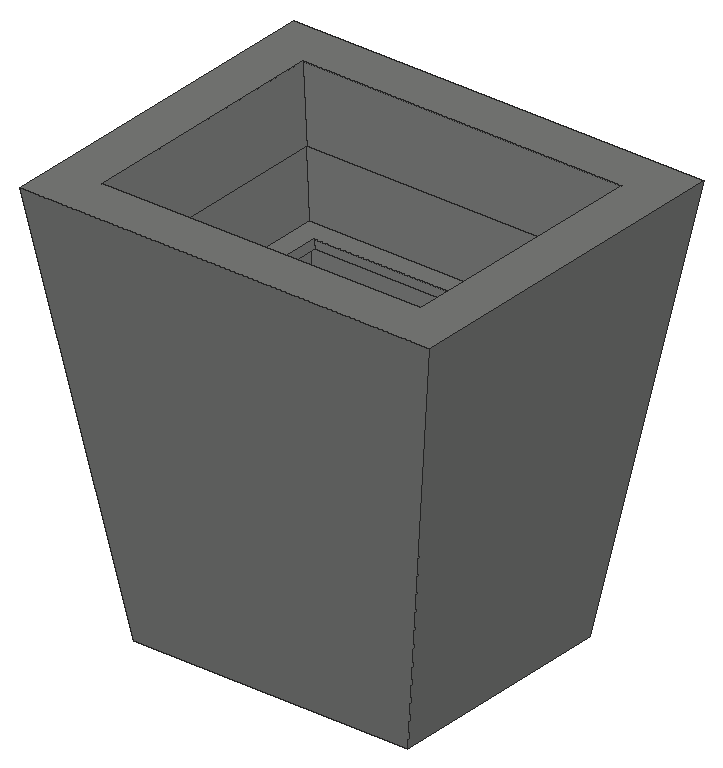
Revit family "Specialty_Equipment-Planter-Planters_Unlimited-Manhattan-Tapered-Square-Rectangular NEW", category Specialty Equipment, Revit 2023
Family settings
  Round Connector Dimension = Use Diameter
  Part Type = Normal
  OmniClass Number = 23.40.05.21.17
  OmniClass Title = Planters
  Work Plane-Based = No
  Enable Cutting in Views = Yes
  Always vertical = Yes
  Cut with Voids When Loaded = No
  Maintain Annotation Orientation = No
  Shared = No
  Room Calculation Point = No
Parameters (values of type "Default - Load Type Catalog")
  Square Planter = not(Rectangle Planter)  # no
  Rectangle Planter = if(CD_Length / CD_Width = 1, 1 = 0, 1 = 1)  # yes
  CD_Width Min = 15"
  CD_Width Max = 72"
  CD_Width = if(CD_Requested Width < CD_Width Min, CD_Width Min, if(CD_Requested Width > CD_Width Max, CD_Width Max, CD_Requested Width))  # 15"
  CD_Stiffener Bottom Width = CD_Requested Width / 1.3  # 11.53846"
  CD_Stiffener Bottom Length = CD_Requested Length / 1.3  # 13.84615"
  CD_Stiffener Top Width = CD_Requested Width / 1.15  # 13.04348"
  CD_Stiffener Top Length = CD_Requested Length / 1.15  # 15.65217"
  CD_Requested Width Bottom = CD_Requested Width / 1.5  # 10"
  CD_Requested Width = 15"
  URL = "https://www.plantersunlimited.com"
  Type Comments = "Rectangular/Square Tapered Planter"  # constant formula
  Model = "Modern Series Planters"  # constant formula
  Material = Plastic-Fiberglass-Carlsbad-Semi_Gloss-Charcoal
  Manufacturer = "Planters Unlimited"  # constant formula
  CD_Requested Length Bottom = CD_Requested Length / 1.5  # 12"
  CD_Requested Length = 18"
  CD_Requested Height = 18"
  Description = "Modular Planting Bed"  # constant formula
  Default Elevation = 0"
  CD_Specification = "https://www.plantersunlimited.com/content/Planters/F1-MAN-TS2430-BL-M-ND.pdf"
  CD_Product Page URL = "https://www.plantersunlimited.com/manhattan-square-planters/"
  CD_Product Name = "Manhattan Planter"  # constant formula
  CD_Offset = 0"
  CD_Microsite = ""
  CD_Length Min = 18"
  CD_Length Max = 120"
  CD_Length = if(CD_Requested Length < CD_Length Min, CD_Length Min, if(CD_Requested Length > CD_Length Max, CD_Length Max, CD_Requested Length))  # 18"
  CD_Height Min = 18"
  CD_Height Max = 60"
  CD_Height = if(CD_Requested Height < CD_Height Min, CD_Height Min, if(CD_Requested Height > CD_Height Max, CD_Height Max, CD_Requested Height))  # 18"
  Assembly Code = "G2050600"
Reference planes (in)
  plane 1 "Center (Front/Back)": y = 0
  plane 2 "Bottom": z = 0
  plane 3 "Center (Left/Right)": x = 0
  plane 4 "Back": y = 7.5
  plane 5 "Front": y = -7.5
  plane 6 "Left": x = -9
  plane 7 "Right": x = 9
  plane 8 "Top": z = 18
  plane 9 "Top of Pads": z = 0.125
  plane 10: z = 0
  plane 11 "Back Bottom": y = 5
  plane 12 "Front Bottom": y = -5
  plane 13 "Left Bottom": x = -6
  plane 14 "Right Bottom": x = 6
  plane 15 "Top Opening Left": x = -7.25
  plane 16 "Top Opening Right": x = 7.25
  plane 17 "Top Opening Back": y = 5.75
  plane 18 "Top Opening Front": y = -5.75
  plane 19 "Bottom Opening": z = 2.125
  plane 20 "Trim Left": x = -7
  plane 21 "Trim Right": x = 7
  plane 22 "Trim Back": y = 5.5
  plane 23 "Trim Front": y = -5.5
  plane 24 "Trim Depth": z = 15
  plane 25 "Stiffener Top": z = 12
  plane 26 "Stiffener Bottom": z = 6
  plane 27 "Left Bottom Opening": x = -4.65084
  plane 28 "Right Bottom Opening": x = 4.65084
  plane 29 "Back Bottom Opening": y = 3.65234
  plane 30 "Front Bottom Opening": y = -3.65234
  plane 31 "Left Stiffener": x = -7.82609
  plane 32 "Right Stiffener": x = 7.82609
  plane 33 "Back Stiffener": y = 6.52174
  plane 34 "Front Stiffener": y = -6.52174
  plane 35 "Bottom Stiffener Left": x = -6.92308
  plane 36 "Bottom Stiffner Right": x = 6.92308
  plane 37 "Botton Stiffener Back": y = 5.76923
  plane 38 "Bottom Stiffener Front": y = -5.76923
Forms (in)
  Blend 1, solid, material "Plastic-Fiberglass-Carlsbad-Semi_Gloss-Charcoal" <- "Material", detail levels fine
    base sketch origin (0, 0, 0) x (1, 0, 0) y (0, 1, 0)
      loop
        line (-6, 5) -> (-6, -5) -> (6, -5) -> (6, 5) -> (-6, 5)
    top sketch origin (0, 0, 0) x (1, 0, 0) y (0, 1, 0)
      loop
        line (-9, 7.5) -> (-9, -7.5) -> (9, -7.5) -> (9, 7.5) -> (-9, 7.5)
    from 0.125 to 18
  Blend 2, void
    base sketch origin (0, 0.08407, 0) x (1, 0, 0) y (0, 1, 0)
      loop
        line (-4.65084, 3.56828) -> (-4.65084, -3.73641) -> (4.65084, -3.73641) -> (4.65084, 3.56828) -> (-4.65084, 3.56828)
    top sketch origin (0, 0.08407, 0) x (1, 0, 0) y (0, 1, 0)
      loop
        line (-7.25, 5.66593) -> (-7.25, -5.83407) -> (7.25, -5.83407) -> (7.25, 5.66593) -> (-7.25, 5.66593)
    from 2.125 to 18
  Extrusion 3, solid, material "Plastic-Fiberglass-Carlsbad-Semi_Gloss-Charcoal" <- "Material", detail levels fine
    sketch origin (0, 0, 0) x (1, 0, 0) y (0, 1, 0)
      loop
        line (5, 4) -> (2, 4) -> (2, 1) -> (5, 1) -> (5, 4)
      loop
        line (-5, 4) -> (-5, 1) -> (-2, 1) -> (-2, 4) -> (-5, 4)
      loop
        line (5, -4) -> (5, -1) -> (2, -1) -> (2, -4) -> (5, -4)
      loop
        line (-5, -4) -> (-2, -4) -> (-2, -1) -> (-5, -1) -> (-5, -4)
    from 0 to 0.125
  Sweep 4, solid, material "Plastic-Fiberglass-Carlsbad-Semi_Gloss-Charcoal" <- "Material", detail levels fine
    path origin (0, 0, 0) x (1, 0, 0) y (0, 1, 0)
      loop
        line (7.25, 5.75) -> (-7.25, 5.75)
    profile origin (0, 5.75, 0) x (0, -1, 0) y (0, 0, 1)
      loop
        line (0, 18) -> (0.39641, 15) -> (0.64696, 15) -> (0.25055, 18) -> (0, 18)
  Sweep 5, solid, material "Plastic-Fiberglass-Carlsbad-Semi_Gloss-Charcoal" <- "Material", detail levels fine
    path origin (0, 0, 0) x (1, 0, 0) y (0, 1, 0)
      loop
        line (-7.25, -5.75) -> (7.25, -5.75)
    profile origin (0, -5.75, 0) x (0, 1, 0) y (0, 0, 1)
      loop
        line (0, 18) -> (0.39641, 15) -> (0.64524, 15) -> (0.24883, 18) -> (0, 18)
  Sweep 6, solid, material "Plastic-Fiberglass-Carlsbad-Semi_Gloss-Charcoal" <- "Material", detail levels fine
    path origin (0, 0, 0) x (1, 0, 0) y (0, 1, 0)
      loop
        line (-7.25, 5.75) -> (-7.25, -5.75)
    profile origin (-7.25, 0, 0) x (1, 0, 0) y (0, 0, 1)
      loop
        line (0, 18) -> (0.49118, 15) -> (0.74274, 15) -> (0.25156, 18) -> (0, 18)
  Sweep 7, solid, material "Plastic-Fiberglass-Carlsbad-Semi_Gloss-Charcoal" <- "Material", detail levels fine
    path origin (0, 0, 0) x (1, 0, 0) y (0, 1, 0)
      loop
        line (7.25, 5.75) -> (7.25, -5.75)
    profile origin (7.25, 0, 0) x (1, 0, 0) y (0, 0, 1)
      loop
        line (0, 18) -> (-0.2523, 18) -> (-0.74348, 15) -> (-0.49118, 15) -> (0, 18)
  Extrusion 8, solid, material "Plastic-Fiberglass-Carlsbad-Semi_Gloss-Charcoal" <- "Material", visible <- "Rectangle Planter", detail levels fine
    sketch origin (5.5, 0, 0) x (1, 0, 0) y (0, 1, 0)
      loop
        line (-7, 4) -> (-7, 1) -> (-4, 1) -> (-4, 4) -> (-7, 4)
      loop
        line (-7, -4) -> (-4, -4) -> (-4, -1) -> (-7, -1) -> (-7, -4)
    from 0 to 0.125
  Sweep 9, solid, material "Plastic-Fiberglass-Carlsbad-Semi_Gloss-Charcoal" <- "Material", detail levels fine
    path origin (-18, -180, 12) x (-1, 0, 0) y (0, -1, 0)
      loop
        line (-12, -186.52174) -> (-12, -173.47826)
    profile origin (-6, 0, 12) x (1, 0, 0) y (0, 0, 1)
      loop
        line (-0.2978, 0.18423) -> (-0.23748, -0.18423) -> (0.68302, -0.18423) -> (0.62269, 0.18423) -> (-0.2978, 0.18423)
  Sweep 10, solid, material "Plastic-Fiberglass-Carlsbad-Semi_Gloss-Charcoal" <- "Material", detail levels fine
    path origin (-18, -180, 12) x (-1, 0, 0) y (0, -1, 0)
      loop
        line (-24, -186.52174) -> (-24, -173.47826)
    profile origin (6, 0, 12) x (1, 0, 0) y (0, 0, 1)
      loop
        line (-0.5669, 0.18423) -> (-0.62723, -0.18423) -> (0.23748, -0.18423) -> (0.2978, 0.18423) -> (-0.5669, 0.18423)
  Sweep 11, solid, material "Plastic-Fiberglass-Carlsbad-Semi_Gloss-Charcoal" <- "Material", detail levels fine
    path origin (-18, -180, 12) x (-1, 0, 0) y (0, -1, 0)
      loop
        line (-12, -185.76923) -> (-12, -174.23077)
    profile origin (-6, 0, 12) x (1, 0, 0) y (0, 0, 1)
      loop
        line (0.68456, -5.81577) -> (0.74489, -6.18423) -> (1.66538, -6.18423) -> (1.60505, -5.81577) -> (0.68456, -5.81577)
  Sweep 12, solid, material "Plastic-Fiberglass-Carlsbad-Semi_Gloss-Charcoal" <- "Material", detail levels fine
    path origin (-18, -180, 12) x (-1, 0, 0) y (0, -1, 0)
      loop
        line (-24, -185.76923) -> (-24, -174.23077)
    profile origin (6, 0, 12) x (1, 0, 0) y (0, 0, 1)
      loop
        line (-1.54927, -5.81577) -> (-1.60959, -6.18423) -> (-0.74489, -6.18423) -> (-0.68456, -5.81577) -> (-1.54927, -5.81577)
  Sweep 13, solid, material "Plastic-Fiberglass-Carlsbad-Semi_Gloss-Charcoal" <- "Material", detail levels fine
    path origin (-18, -180, 12) x (-1, 0, 0) y (0, -1, 0)
      loop
        line (-11.07692, -185) -> (-24.92308, -185)
    profile origin (0, 5, 12) x (0, 1, 0) y (0, 0, 1)
      loop
        line (-0.81129, -5.81577) -> (-1.69389, -5.81577) -> (-1.74258, -6.18423) -> (-0.85997, -6.18423) -> (-0.81129, -5.81577)
  Sweep 14, solid, material "Plastic-Fiberglass-Carlsbad-Semi_Gloss-Charcoal" <- "Material", detail levels fine
    path origin (-18, -180, 12) x (-1, 0, 0) y (0, -1, 0)
      loop
        line (-11.07692, -173.47826) -> (-24.92308, -173.47826)
    profile origin (0, -6.52174, 12) x (0, 1, 0) y (0, 0, 1)
      loop
        line (3.20405, -5.81577) -> (2.33303, -5.81577) -> (2.38171, -6.18423) -> (3.25273, -6.18423) -> (3.20405, -5.81577)
  Extrusion 15, void, detail levels fine
    sketch origin (0, 0, 0) x (0, 1, 0) y (0, 0, 1)
      loop
        line (7.5, 18) -> (5, 0.125) -> (7.5, 0.125) -> (7.5, 18)
    from -9 to 9
  Sweep 16, solid, material "Plastic-Fiberglass-Carlsbad-Semi_Gloss-Charcoal" <- "Material", detail levels fine
    path origin (-18, -175.61663, 18) x (-1, 0, 0) y (0, -1, 0)
      loop
        line (-10.17391, -185) -> (-25.82609, -185)
    profile origin (0, 9.38337, 18) x (0, 1, 0) y (0, 0, 1)
      loop
        line (-4.40184, -5.81577) -> (-5.28444, -5.81577) -> (-5.33313, -6.18423) -> (-4.45052, -6.18423) -> (-4.40184, -5.81577)
  Sweep 17, solid, material "Plastic-Fiberglass-Carlsbad-Semi_Gloss-Charcoal" <- "Material", detail levels fine
    path origin (-18, -180.79281, 18) x (-1, 0, 0) y (0, -1, 0)
      loop
        line (-10.17391, -173.47826) -> (-25.82609, -173.47826)
    profile origin (0, -7.31455, 18) x (0, 1, 0) y (0, 0, 1)
      loop
        line (3.20405, -5.81577) -> (2.33303, -5.81577) -> (2.38171, -6.18423) -> (3.25273, -6.18423) -> (3.20405, -5.81577)
  Extrusion 18, void, detail levels fine
    sketch origin (0, 0, 0) x (0, -1, 0) y (0, 0, -1)
      loop
        line (7.5, -18) -> (7.5, -0.125) -> (5, -0.125) -> (7.5, -18)
    from -9 to 9
  Extrusion 19, void, detail levels fine
    sketch origin (0, 0, 0) x (1, 0, 0) y (0, 0, 1)
      loop
        line (-9, 18) -> (-9, 0.125) -> (-6, 0.125) -> (-9, 18)
    from -7.5 to 7.5
  Extrusion 20, void, detail levels fine
    sketch origin (0, 0, 0) x (-1, 0, 0) y (0, 0, -1)
      loop
        line (-9, -18) -> (-6, -0.125) -> (-9, -0.125) -> (-9, -18)
    from -7.5 to 7.5
  Blend 21, solid, material "Plastic-Fiberglass-Carlsbad-Semi_Gloss-Charcoal" <- "Material", detail levels medium
    base sketch origin (0, 0, 0) x (1, 0, 0) y (0, 1, 0)
      loop
        line (-6, 5) -> (-6, -5) -> (6, -5) -> (6, 5) -> (-6, 5)
    top sketch origin (0, 0, 0) x (1, 0, 0) y (0, 1, 0)
      loop
        line (-9, 7.5) -> (-9, -7.5) -> (9, -7.5) -> (9, 7.5) -> (-9, 7.5)
    from 0 to 18
  Extrusion 22, void, detail levels medium
    sketch origin (0, 0, 0) x (-1, 0, 0) y (0, 0, -1)
      loop
        line (-9, -18) -> (-6, 0) -> (-9, 0) -> (-9, -18)
    from -7.5 to 7.5
  Sweep 23, solid, material "Plastic-Fiberglass-Carlsbad-Semi_Gloss-Charcoal" <- "Material", detail levels medium
    path origin (0, 0, 0) x (1, 0, 0) y (0, 1, 0)
      loop
        line (-7.25, 5.75) -> (-7.25, -5.75)
    profile origin (-7.25, 0, 0) x (1, 0, 0) y (0, 0, 1)
      loop
        line (0, 18) -> (0.49118, 15) -> (0.74274, 15) -> (0.25156, 18) -> (0, 18)
  Extrusion 24, void, detail levels medium
    sketch origin (0, 0, 0) x (0, -1, 0) y (0, 0, -1)
      loop
        line (5, 0) -> (7.5, -18) -> (7.5, 0) -> (5, 0)
    from -9 to 9
  Sweep 25, solid, material "Plastic-Fiberglass-Carlsbad-Semi_Gloss-Charcoal" <- "Material", detail levels medium
    path origin (0, 0, 0) x (1, 0, 0) y (0, 1, 0)
      loop
        line (7.25, 5.75) -> (7.25, -5.75)
    profile origin (7.25, 0, 0) x (1, 0, 0) y (0, 0, 1)
      loop
        line (0, 18) -> (-0.2523, 18) -> (-0.74348, 15) -> (-0.49118, 15) -> (0, 18)
  Sweep 26, solid, material "Plastic-Fiberglass-Carlsbad-Semi_Gloss-Charcoal" <- "Material", detail levels medium
    path origin (0, 0, 0) x (1, 0, 0) y (0, 1, 0)
      loop
        line (7.25, 5.75) -> (-7.25, 5.75)
    profile origin (0, 5.75, 0) x (0, -1, 0) y (0, 0, 1)
      loop
        line (0, 18) -> (0.39641, 15) -> (0.64696, 15) -> (0.25055, 18) -> (0, 18)
  Sweep 27, solid, material "Plastic-Fiberglass-Carlsbad-Semi_Gloss-Charcoal" <- "Material", detail levels medium
    path origin (0, 0, 0) x (1, 0, 0) y (0, 1, 0)
      loop
        line (-7.25, -5.75) -> (7.25, -5.75)
    profile origin (0, -5.75, 0) x (0, 1, 0) y (0, 0, 1)
      loop
        line (0, 18) -> (0.39641, 15) -> (0.64524, 15) -> (0.24883, 18) -> (0, 18)
  Extrusion 28, void, detail levels medium
    sketch origin (0, 0, 0) x (1, 0, 0) y (0, 0, 1)
      loop
        line (-9, 18) -> (-9, 0) -> (-6, 0) -> (-9, 18)
    from -7.5 to 7.5
  Extrusion 29, void, detail levels medium
    sketch origin (0, 0, 0) x (-1, 0, 0) y (0, 0, -1)
      loop
        line (-9, -18) -> (-6, 0) -> (-9, 0) -> (-9, -18)
    from -7.5 to 7.5
  Extrusion 30, void, detail levels medium
    sketch origin (0, 0, 0) x (0, 1, 0) y (0, 0, 1)
      loop
        line (-7.5, 18) -> (-7.5, 0) -> (-5, 0) -> (-7.5, 18)
    from -9 to 9
  Blend 31, solid, material "Plastic-Fiberglass-Carlsbad-Semi_Gloss-Charcoal" <- "Material", detail levels coarse
    base sketch origin (0, 0, 0) x (1, 0, 0) y (0, 1, 0)
      loop
        line (-6, 5) -> (-6, -5) -> (6, -5) -> (6, 5) -> (-6, 5)
    top sketch origin (0, 0, 0) x (1, 0, 0) y (0, 1, 0)
      loop
        line (-9, 7.5) -> (-9, -7.5) -> (9, -7.5) -> (9, 7.5) -> (-9, 7.5)
    from 0 to 18
  Extrusion 32, void, detail levels medium
    sketch origin (0, 0, 0) x (0, 1, 0) y (0, 0, 1)
      loop
        line (5, 0) -> (7.5, 0) -> (7.5, 18) -> (5, 0)
    from -9 to 9
  Sweep 33, solid, material "Plastic-Fiberglass-Carlsbad-Semi_Gloss-Charcoal" <- "Material", detail levels medium
    path origin (-18, -180, 12) x (-1, 0, 0) y (0, -1, 0)
      loop
        line (-12, -186.52174) -> (-12, -173.47826)
    profile origin (-6, 0, 12) x (1, 0, 0) y (0, 0, 1)
      loop
        line (-0.2978, 0.18423) -> (-0.23748, -0.18423) -> (0.68302, -0.18423) -> (0.62269, 0.18423) -> (-0.2978, 0.18423)
  Sweep 34, solid, material "Plastic-Fiberglass-Carlsbad-Semi_Gloss-Charcoal" <- "Material", detail levels medium
    path origin (-18, -180, 12) x (-1, 0, 0) y (0, -1, 0)
      loop
        line (-24, -186.52174) -> (-24, -173.47826)
    profile origin (6, 0, 12) x (1, 0, 0) y (0, 0, 1)
      loop
        line (-0.5669, 0.18423) -> (-0.62723, -0.18423) -> (0.23748, -0.18423) -> (0.2978, 0.18423) -> (-0.5669, 0.18423)
  Sweep 35, solid, material "Plastic-Fiberglass-Carlsbad-Semi_Gloss-Charcoal" <- "Material", detail levels medium
    path origin (-18, -180, 12) x (-1, 0, 0) y (0, -1, 0)
      loop
        line (-12, -185.76923) -> (-12, -174.23077)
    profile origin (-6, 0, 12) x (1, 0, 0) y (0, 0, 1)
      loop
        line (0.68456, -5.81577) -> (0.74489, -6.18423) -> (1.66538, -6.18423) -> (1.60505, -5.81577) -> (0.68456, -5.81577)
  Sweep 36, solid, material "Plastic-Fiberglass-Carlsbad-Semi_Gloss-Charcoal" <- "Material", detail levels medium
    path origin (-18, -180, 12) x (-1, 0, 0) y (0, -1, 0)
      loop
        line (-24, -185.76923) -> (-24, -174.23077)
    profile origin (6, 0, 12) x (1, 0, 0) y (0, 0, 1)
      loop
        line (-1.54927, -5.81577) -> (-1.60959, -6.18423) -> (-0.74489, -6.18423) -> (-0.68456, -5.81577) -> (-1.54927, -5.81577)
  Sweep 37, solid, material "Plastic-Fiberglass-Carlsbad-Semi_Gloss-Charcoal" <- "Material", detail levels medium
    path origin (-18, -180, 12) x (-1, 0, 0) y (0, -1, 0)
      loop
        line (-11.07692, -185) -> (-24.92308, -185)
    profile origin (0, 5, 12) x (0, 1, 0) y (0, 0, 1)
      loop
        line (-0.81129, -5.81577) -> (-1.69389, -5.81577) -> (-1.74258, -6.18423) -> (-0.85997, -6.18423) -> (-0.81129, -5.81577)
  Sweep 38, solid, material "Plastic-Fiberglass-Carlsbad-Semi_Gloss-Charcoal" <- "Material", detail levels medium
    path origin (-18, -180, 12) x (-1, 0, 0) y (0, -1, 0)
      loop
        line (-11.07692, -173.47826) -> (-24.92308, -173.47826)
    profile origin (0, -6.52174, 12) x (0, 1, 0) y (0, 0, 1)
      loop
        line (3.20405, -5.81577) -> (2.33303, -5.81577) -> (2.38171, -6.18423) -> (3.25273, -6.18423) -> (3.20405, -5.81577)
  Sweep 39, solid, material "Plastic-Fiberglass-Carlsbad-Semi_Gloss-Charcoal" <- "Material", detail levels medium
    path origin (-18, -175.61663, 18) x (-1, 0, 0) y (0, -1, 0)
      loop
        line (-10.17391, -185) -> (-25.82609, -185)
    profile origin (0, 9.38337, 18) x (0, 1, 0) y (0, 0, 1)
      loop
        line (-4.40184, -5.81577) -> (-5.28444, -5.81577) -> (-5.33313, -6.18423) -> (-4.45052, -6.18423) -> (-4.40184, -5.81577)
  Sweep 40, solid, material "Plastic-Fiberglass-Carlsbad-Semi_Gloss-Charcoal" <- "Material", detail levels medium
    path origin (-18, -180.79281, 18) x (-1, 0, 0) y (0, -1, 0)
      loop
        line (-10.17391, -173.47826) -> (-25.82609, -173.47826)
    profile origin (0, -7.31455, 18) x (0, 1, 0) y (0, 0, 1)
      loop
        line (3.20405, -5.81577) -> (2.33303, -5.81577) -> (2.38171, -6.18423) -> (3.25273, -6.18423) -> (3.20405, -5.81577)
  Sweep 41, solid, material "Plastic-Fiberglass-Carlsbad-Semi_Gloss-Charcoal" <- "Material", detail levels coarse
    path origin (0, 0, 0) x (1, 0, 0) y (0, 1, 0)
      loop
        line (-7.25, 5.75) -> (-7.25, -5.75)
    profile origin (-7.25, 0, 0) x (1, 0, 0) y (0, 0, 1)
      loop
        line (0, 18) -> (0.49118, 15) -> (0.74274, 15) -> (0.25156, 18) -> (0, 18)
  Sweep 42, solid, material "Plastic-Fiberglass-Carlsbad-Semi_Gloss-Charcoal" <- "Material", detail levels coarse
    path origin (0, 0, 0) x (1, 0, 0) y (0, 1, 0)
      loop
        line (7.25, 5.75) -> (7.25, -5.75)
    profile origin (7.25, 0, 0) x (1, 0, 0) y (0, 0, 1)
      loop
        line (0, 18) -> (-0.2523, 18) -> (-0.74348, 15) -> (-0.49118, 15) -> (0, 18)
  Sweep 43, solid, material "Plastic-Fiberglass-Carlsbad-Semi_Gloss-Charcoal" <- "Material", detail levels coarse
    path origin (0, 0, 0) x (1, 0, 0) y (0, 1, 0)
      loop
        line (-7.25, -5.75) -> (7.25, -5.75)
    profile origin (0, -5.75, 0) x (0, 1, 0) y (0, 0, 1)
      loop
        line (0, 18) -> (0.39641, 15) -> (0.64524, 15) -> (0.24883, 18) -> (0, 18)
  Sweep 44, solid, material "Plastic-Fiberglass-Carlsbad-Semi_Gloss-Charcoal" <- "Material", detail levels coarse
    path origin (0, 0, 0) x (1, 0, 0) y (0, 1, 0)
      loop
        line (7.25, 5.75) -> (-7.25, 5.75)
    profile origin (0, 5.75, 0) x (0, -1, 0) y (0, 0, 1)
      loop
        line (0, 18) -> (0.39641, 15) -> (0.64696, 15) -> (0.25055, 18) -> (0, 18)
  Extrusion 45, void
    sketch origin (0, 0, 0) x (1, 0, 0) y (0, 0, 1)
      loop
        line (-9, 18) -> (-9, 0) -> (-6, 0) -> (-9, 18)
    from -7.5 to 7.5
  Extrusion 46, void
    sketch origin (0, 0, 0) x (-1, 0, 0) y (0, 0, -1)
      loop
        line (-9, -18) -> (-6, 0) -> (-9, 0) -> (-9, -18)
    from -7.5 to 7.5
  Extrusion 47, void
    sketch origin (0, 0, 0) x (0, 1, 0) y (0, 0, 1)
      loop
        line (5, 0) -> (7.5, 0) -> (7.5, 18) -> (5, 0)
    from -9 to 9
  Extrusion 48, void
    sketch origin (0, 0, 0) x (0, 1, 0) y (0, 0, 1)
      loop
        line (-7.5, 18) -> (-7.5, 0) -> (-5, 0) -> (-7.5, 18)
    from -9 to 9
Cuts and joins
  Blend 2, Extrusion 15, Extrusion 18, Extrusion 19, Extrusion 20, Extrusion 22 cuts Blend 1
  Extrusion 15, Extrusion 18, Extrusion 19, Extrusion 20, Extrusion 22 cuts Sweep 4
  Extrusion 15, Extrusion 18, Extrusion 19, Extrusion 20, Extrusion 22 cuts Sweep 5
  Extrusion 15, Extrusion 18, Extrusion 19, Extrusion 20, Extrusion 22 cuts Sweep 6
  Extrusion 15, Extrusion 18, Extrusion 19, Extrusion 20, Extrusion 22 cuts Sweep 7
  Extrusion 15, Extrusion 18, Extrusion 19, Extrusion 20, Extrusion 22 cuts Sweep 9
  Extrusion 15, Extrusion 18, Extrusion 19, Extrusion 20, Extrusion 22 cuts Sweep 10
  Extrusion 15, Extrusion 18, Extrusion 19, Extrusion 20, Extrusion 22 cuts Sweep 11
  Extrusion 15, Extrusion 18, Extrusion 19, Extrusion 20, Extrusion 22 cuts Sweep 12
  Extrusion 15, Extrusion 18, Extrusion 19, Extrusion 20, Extrusion 22 cuts Sweep 13
  Extrusion 15, Extrusion 18, Extrusion 19, Extrusion 20, Extrusion 22 cuts Sweep 14
  Extrusion 18, Extrusion 19, Extrusion 20, Extrusion 22 cuts Sweep 16
  Extrusion 18, Extrusion 19, Extrusion 20, Extrusion 22 cuts Sweep 17
  joined: Blend 1, Sweep 4, Sweep 5, Sweep 6, Sweep 7, Sweep 9, Sweep 10, Sweep 11, Sweep 12, Sweep 13, Sweep 14, Sweep 16, Sweep 17
  Blend 2, Extrusion 22, Extrusion 24, Extrusion 28, Extrusion 29, Extrusion 30, Extrusion 32, Extrusion 45, Extrusion 46, Extrusion 47, Extrusion 48 cuts Blend 21
  Extrusion 24, Extrusion 28, Extrusion 29, Extrusion 30, Extrusion 32, Extrusion 45, Extrusion 46, Extrusion 47, Extrusion 48 cuts Sweep 23
  Extrusion 28, Extrusion 29, Extrusion 30, Extrusion 32, Extrusion 45, Extrusion 46, Extrusion 47, Extrusion 48 cuts Sweep 25
  Extrusion 28, Extrusion 29, Extrusion 30, Extrusion 32, Extrusion 45, Extrusion 46, Extrusion 47, Extrusion 48 cuts Sweep 26
  Extrusion 22, Extrusion 28, Extrusion 29, Extrusion 30, Extrusion 32, Extrusion 45, Extrusion 46, Extrusion 47, Extrusion 48 cuts Sweep 27
  Extrusion 45, Extrusion 46, Extrusion 47, Extrusion 48 cuts Sweep 33
  Extrusion 45, Extrusion 46, Extrusion 47, Extrusion 48 cuts Sweep 34
  Extrusion 45, Extrusion 46, Extrusion 47, Extrusion 48 cuts Sweep 35
  Extrusion 45, Extrusion 46, Extrusion 47, Extrusion 48 cuts Sweep 36
  Extrusion 45, Extrusion 46, Extrusion 47, Extrusion 48 cuts Sweep 37
  Extrusion 45, Extrusion 46, Extrusion 47, Extrusion 48 cuts Sweep 38
  Extrusion 45, Extrusion 46, Extrusion 47, Extrusion 48 cuts Sweep 39
  Extrusion 45, Extrusion 46, Extrusion 47, Extrusion 48 cuts Sweep 40
  joined: Blend 21, Sweep 23, Sweep 25, Sweep 26, Sweep 27, Sweep 33, Sweep 34, Sweep 35, Sweep 36, Sweep 37, Sweep 38, Sweep 39, Sweep 40
  Blend 2, Extrusion 32, Extrusion 45, Extrusion 46, Extrusion 47, Extrusion 48 cuts Blend 31
  Extrusion 45, Extrusion 46, Extrusion 47, Extrusion 48 cuts Sweep 41
  Extrusion 45, Extrusion 46, Extrusion 47, Extrusion 48 cuts Sweep 42
  Extrusion 45, Extrusion 46, Extrusion 47, Extrusion 48 cuts Sweep 43
  Extrusion 45, Extrusion 46, Extrusion 47, Extrusion 48 cuts Sweep 44
  joined: Blend 31, Sweep 41, Sweep 42, Sweep 43, Sweep 44
Dimensions and locks (in)
  equal spacing: plane 6 "Left", plane 3 "Center (Left/Right)", plane 7 "Right"
  "CD_Length": plane 6 "Left" to plane 7 "Right"
  equal spacing: plane 4 "Back", plane 1 "Center (Front/Back)", plane 5 "Front"
  "CD_Width": plane 5 "Front" to plane 4 "Back"
  equal spacing: plane 13 "Left Bottom", plane 3 "Center (Left/Right)", plane 14 "Right Bottom"
  equal spacing: plane 11 "Back Bottom", plane 1 "Center (Front/Back)", plane 12 "Front Bottom"
  "CD_Requested Length Bottom": plane 13 "Left Bottom" to plane 14 "Right Bottom"
  "CD_Requested Width Bottom": plane 11 "Back Bottom" to plane 12 "Front Bottom"
  locked: plane 4 "Back" to plane 17 "Top Opening Back" at 1.75
  locked: plane 5 "Front" to plane 18 "Top Opening Front" at 1.75
  locked: plane 6 "Left" to plane 15 "Top Opening Left" at 1.75
  locked: plane 16 "Top Opening Right" to plane 7 "Right" at 1.75
  locked: plane 19 "Bottom Opening" to plane 9 "Top of Pads" at 2
  locked: plane 6 "Left" to plane 20 "Trim Left" at 2
  locked: plane 21 "Trim Right" to plane 7 "Right" at 2
  locked: plane 4 "Back" to plane 22 "Trim Back" at 2
  locked: plane 5 "Front" to plane 23 "Trim Front" at 2
  locked: plane 8 "Top" to plane 24 "Trim Depth" at 3
  locked: Extrusion 3 sketch curve to Extrusion 3 sketch curve at 3  (x8)
  locked: plane 9 "Top of Pads" to plane 2 "Bottom" at 0.125
  "CD_Offset": plane 2 "Bottom" to level
  "CD_Height": plane 8 "Top" to plane 2 "Bottom"
  locked: Extrusion 3 sketch curve to plane 14 "Right Bottom" at 1  (x2)
  locked: plane 11 "Back Bottom" to Extrusion 3 sketch curve at 1  (x2)
  locked: plane 13 "Left Bottom" to Extrusion 3 sketch curve at 1  (x2)
  locked: plane 12 "Front Bottom" to Extrusion 3 sketch curve at 1
  locked: Extrusion 3 sketch curve to plane 12 "Front Bottom" at 1
  equal spacing: plane 8 "Top", plane 25 "Stiffener Top", plane 26 "Stiffener Bottom", plane 2 "Bottom"
  locked: plane 13 "Left Bottom" to plane 27 "Left Bottom Opening" at 1.34916
  locked: plane 28 "Right Bottom Opening" to plane 14 "Right Bottom" at 1.34916
  locked: plane 11 "Back Bottom" to plane 29 "Back Bottom Opening" at 1.34766
  locked: plane 12 "Front Bottom" to plane 30 "Front Bottom Opening" at 1.34766
  plane 4 "Back" to plane 22 "Trim Back" = 2"
  locked: Sweep 4 sketch curve to Sweep 4 sketch curve at 0.24839
  locked: Sweep 4 sketch curve to Sweep 4 sketch curve at 3
  locked: Sweep 7 sketch curve to Sweep 7 sketch curve at 0.24899
  locked: Sweep 7 sketch curve to Sweep 7 sketch curve at 3
  locked: Sweep 6 sketch curve to Sweep 6 sketch curve at 0.24825
  locked: Sweep 6 sketch curve to Sweep 6 sketch curve at 3
  locked: Sweep 5 sketch curve to Sweep 5 sketch curve at 0.24669
  locked: Sweep 5 sketch curve to Sweep 5 sketch curve at 3
  locked: Extrusion 8 sketch curve to Extrusion 8 sketch curve at 3  (x4)
  locked: Sweep 9 sketch curve to Sweep 9 sketch curve at 0.9084
  equal spacing: Sweep 9 sketch curve, profile plane, Sweep 9 sketch curve
  locked: Sweep 9 sketch curve to Sweep 9 sketch curve at 0.36846
  locked: Sweep 10 sketch curve to Sweep 10 sketch curve at 0.85334
  equal spacing: Sweep 10 sketch curve, profile plane, Sweep 10 sketch curve
  locked: Sweep 10 sketch curve to Sweep 10 sketch curve at 0.36846
  equal spacing: plane 31 "Left Stiffener", plane 3 "Center (Left/Right)", plane 32 "Right Stiffener"
  "CD_Stiffener Top Length": plane 31 "Left Stiffener" to plane 32 "Right Stiffener"
  equal spacing: plane 34 "Front Stiffener", plane 1 "Center (Front/Back)", plane 33 "Back Stiffener"
  "CD_Stiffener Top Width": plane 33 "Back Stiffener" to plane 34 "Front Stiffener"
  equal spacing: plane 35 "Bottom Stiffener Left", plane 3 "Center (Left/Right)", plane 36 "Bottom Stiffner Right"
  "CD_Stiffener Bottom Length": plane 35 "Bottom Stiffener Left" to plane 36 "Bottom Stiffner Right"
  Extrusion 8 sketch curve to plane 11 "Back Bottom" = 1"
  equal spacing: Extrusion 8 sketch curve, plane 3 "Center (Left/Right)", Extrusion 8 sketch curve  (x2)
  locked: plane 12 "Front Bottom" to Extrusion 8 sketch curve at 1
  locked: Sweep 11 sketch curve to Sweep 11 sketch curve at 0.9084
  locked: Sweep 12 sketch curve to Sweep 12 sketch curve at 0.85334
  locked: Sweep 13 sketch curve to Sweep 13 sketch curve at 0.875
  locked: Sweep 14 sketch curve to Sweep 14 sketch curve at 0.86352
  locked: Sweep 11 sketch curve to Sweep 11 sketch curve at 0.36846
  equal spacing: Sweep 11 sketch curve, plane 26 "Stiffener Bottom", Sweep 11 sketch curve
  equal spacing: Sweep 12 sketch curve, plane 26 "Stiffener Bottom", Sweep 12 sketch curve
  locked: Sweep 12 sketch curve to Sweep 12 sketch curve at 0.36846
  equal spacing: Sweep 13 sketch curve, plane 26 "Stiffener Bottom", Sweep 13 sketch curve
  locked: Sweep 13 sketch curve to Sweep 13 sketch curve at 0.36846
  equal spacing: Sweep 14 sketch curve, plane 26 "Stiffener Bottom", Sweep 14 sketch curve
  locked: Sweep 14 sketch curve to Sweep 14 sketch curve at 0.36846
  equal spacing: plane 38 "Bottom Stiffener Front", plane 1 "Center (Front/Back)", plane 37 "Botton Stiffener Back"
  "CD_Stiffener Bottom Width": plane 38 "Bottom Stiffener Front" to plane 37 "Botton Stiffener Back"
  locked: Sweep 16 sketch curve to Sweep 16 sketch curve at 0.875
  locked: Sweep 16 sketch curve to Sweep 16 sketch curve at 0.36846
  equal spacing: Sweep 16 sketch curve, plane 25 "Stiffener Top", Sweep 16 sketch curve
  locked: Sweep 17 sketch curve to Sweep 17 sketch curve at 0.86352
  Sweep 17 sketch curve to Sweep 17 sketch curve = 0.36846"
  locked: Sweep 17 sketch curve to Sweep 17 sketch curve at 0.36846
  equal spacing: Sweep 17 sketch curve, plane 25 "Stiffener Top", Sweep 17 sketch curve
  locked: Sweep 23 sketch curve to Sweep 23 sketch curve at 3
  locked: Sweep 23 sketch curve to Sweep 23 sketch curve at 0.24825
  locked: Sweep 25 sketch curve to Sweep 25 sketch curve at 3
  locked: Sweep 25 sketch curve to Sweep 25 sketch curve at 0.24899
  locked: Sweep 26 sketch curve to Sweep 26 sketch curve at 0.24839
  locked: Sweep 26 sketch curve to Sweep 26 sketch curve at 3
  locked: Sweep 27 sketch curve to Sweep 27 sketch curve at 3
  locked: Sweep 27 sketch curve to Sweep 27 sketch curve at 0.24669
  locked: Sweep 33 sketch curve to Sweep 33 sketch curve at 0.9084
  equal spacing: Sweep 33 sketch curve, profile plane, Sweep 33 sketch curve
  locked: Sweep 33 sketch curve to Sweep 33 sketch curve at 0.36846
  locked: Sweep 34 sketch curve to Sweep 34 sketch curve at 0.85334
  equal spacing: Sweep 34 sketch curve, profile plane, Sweep 34 sketch curve
  locked: Sweep 34 sketch curve to Sweep 34 sketch curve at 0.36846
  locked: Sweep 35 sketch curve to Sweep 35 sketch curve at 0.9084
  locked: Sweep 36 sketch curve to Sweep 36 sketch curve at 0.85334
  locked: Sweep 35 sketch curve to Sweep 35 sketch curve at 0.36846
  locked: Sweep 36 sketch curve to Sweep 36 sketch curve at 0.36846
  equal spacing: Sweep 36 sketch curve, plane 26 "Stiffener Bottom", Sweep 36 sketch curve
  equal spacing: Sweep 35 sketch curve, plane 26 "Stiffener Bottom", Sweep 35 sketch curve
  locked: Sweep 37 sketch curve to Sweep 37 sketch curve at 0.875
  locked: Sweep 38 sketch curve to Sweep 38 sketch curve at 0.86352
  locked: Sweep 37 sketch curve to Sweep 37 sketch curve at 0.36846
  locked: Sweep 39 sketch curve to Sweep 39 sketch curve at 0.875
  locked: Sweep 39 sketch curve to Sweep 39 sketch curve at 0.36846
  locked: Sweep 40 sketch curve to Sweep 40 sketch curve at 0.86352
  equal spacing: Sweep 39 sketch curve, plane 25 "Stiffener Top", Sweep 39 sketch curve
  equal spacing: Sweep 40 sketch curve, plane 25 "Stiffener Top", Sweep 40 sketch curve
  locked: Sweep 40 sketch curve to Sweep 40 sketch curve at 0.36846
  equal spacing: Sweep 37 sketch curve, plane 26 "Stiffener Bottom", Sweep 37 sketch curve
  equal spacing: cut or joined group 1 (Blend 2, Blend 21, Extrusion 22, Sweep 23, Extrusion 24, Sweep 25, Sweep 26, Sweep 27, Extrusion 28, Extrusion 29, Extrusion 30, Extrusion 32, Sweep 33, Sweep 34, Sweep 35, Sweep 36, Sweep 37, Sweep 38, Sweep 39, Sweep 40, Extrusion 45, Extrusion 46, Extrusion 47, Extrusion 48), plane 26 "Stiffener Bottom", Sweep 38 sketch curve
  locked: Sweep 38 sketch curve to Sweep 38 sketch curve at 0.36846
  locked: Sweep 41 sketch curve to Sweep 41 sketch curve at 3
  locked: Sweep 41 sketch curve to Sweep 41 sketch curve at 0.24825
  locked: Sweep 42 sketch curve to Sweep 42 sketch curve at 3
  locked: Sweep 42 sketch curve to Sweep 42 sketch curve at 0.24899
  locked: Sweep 43 sketch curve to Sweep 43 sketch curve at 3
  locked: Sweep 43 sketch curve to Sweep 43 sketch curve at 0.24669
  locked: Sweep 44 sketch curve to Sweep 44 sketch curve at 0.24839
  locked: Sweep 44 sketch curve to Sweep 44 sketch curve at 3
  aligned and locked: Blend 1 sketch curve to plane 11 "Back Bottom"
  aligned and locked: plane 13 "Left Bottom" to Blend 1 sketch curve
  aligned and locked: Blend 1 sketch curve to plane 12 "Front Bottom"
  aligned and locked: plane 14 "Right Bottom" to Blend 1 sketch curve
  aligned and locked: Blend 1 sketch curve to plane 4 "Back"
  aligned and locked: plane 6 "Left" to Blend 1 sketch curve
  aligned and locked: Blend 1 sketch curve to plane 5 "Front"
  aligned and locked: plane 7 "Right" to Blend 1 sketch curve
  aligned and locked: plane 8 "Top" to Blend 1
  aligned and locked: Blend 1 to plane 9 "Top of Pads"
  aligned and locked: Blend 2 sketch curve to plane 17 "Top Opening Back"
  aligned and locked: plane 15 "Top Opening Left" to Blend 2 sketch curve
  aligned and locked: Blend 2 sketch curve to plane 18 "Top Opening Front"
  aligned and locked: plane 16 "Top Opening Right" to Blend 2 sketch curve
  aligned and locked: Blend 2 to plane 19 "Bottom Opening"
  aligned and locked: plane 8 "Top" to Blend 2
  aligned and locked: plane 9 "Top of Pads" to Extrusion 3
  aligned and locked: Extrusion 3 to plane 2 "Bottom"
  aligned and locked: plane 27 "Left Bottom Opening" to Blend 2 sketch curve
  aligned and locked: plane 28 "Right Bottom Opening" to Blend 2 sketch curve
  aligned and locked: Blend 2 sketch curve to plane 30 "Front Bottom Opening"
  aligned and locked: Blend 2 sketch curve to plane 29 "Back Bottom Opening"
  aligned and locked: Sweep 4 sketch curve to cut or joined group 2 (Blend 1, Blend 2, Sweep 4, Sweep 5, Sweep 6, Sweep 7, Sweep 9, Sweep 10, Sweep 11, Sweep 12, Sweep 13, Sweep 14, Extrusion 15, Sweep 16, Sweep 17, Extrusion 18, Extrusion 19, Extrusion 20, Extrusion 22)
  aligned and locked: Sweep 5 sketch curve to cut or joined group 2
  aligned and locked: Sweep 6 sketch curve to cut or joined group 2
  aligned and locked: Sweep 7 sketch curve to cut or joined group 2
  aligned and locked: Sweep 6 sketch curve to plane 15 "Top Opening Left"
  aligned and locked: plane 17 "Top Opening Back" to Sweep 4 sketch curve
  aligned and locked: plane 16 "Top Opening Right" to Sweep 7 sketch curve
  aligned and locked: plane 18 "Top Opening Front" to Sweep 5 sketch curve
  aligned and locked: Extrusion 8 to plane 2 "Bottom"
  aligned and locked: plane 9 "Top of Pads" to Extrusion 8
  aligned and locked: Sweep 9 sketch curve to plane 13 "Left Bottom"
  aligned and locked: cut or joined group 2 to Sweep 9 sketch curve
  aligned and locked: plane 14 "Right Bottom" to Sweep 10 sketch curve
  aligned and locked: Sweep 10 sketch curve to cut or joined group 2
  aligned and locked: plane 33 "Back Stiffener" to Sweep 9 sketch curve
  aligned and locked: plane 34 "Front Stiffener" to Sweep 9 sketch curve
  aligned and locked: Sweep 10 sketch curve to plane 33 "Back Stiffener"
  aligned and locked: plane 34 "Front Stiffener" to Sweep 10 sketch curve
  aligned and locked: cut or joined group 2 to Sweep 11 sketch curve
  aligned and locked: Sweep 12 sketch curve to cut or joined group 2
  aligned and locked: cut or joined group 2 to Sweep 13 sketch curve
  aligned and locked: cut or joined group 2 to Sweep 14 sketch curve
  aligned and locked: plane 36 "Bottom Stiffner Right" to Sweep 14 sketch curve
  aligned and locked: Sweep 14 sketch curve to plane 35 "Bottom Stiffener Left"
  aligned and locked: plane 36 "Bottom Stiffner Right" to Sweep 13 sketch curve
  aligned and locked: plane 35 "Bottom Stiffener Left" to Sweep 13 sketch curve
  aligned and locked: plane 37 "Botton Stiffener Back" to Sweep 11 sketch curve
  aligned and locked: plane 38 "Bottom Stiffener Front" to Sweep 11 sketch curve
  aligned and locked: plane 38 "Bottom Stiffener Front" to Sweep 12 sketch curve
  aligned and locked: Sweep 12 sketch curve to plane 37 "Botton Stiffener Back"
  aligned and locked: Extrusion 15 sketch curve to cut or joined group 2
  aligned and locked: Extrusion 15 to plane 7 "Right"
  aligned and locked: cut or joined group 2 to Sweep 16 sketch curve
  aligned and locked: plane 31 "Left Stiffener" to Sweep 16 sketch curve
  aligned and locked: plane 32 "Right Stiffener" to Sweep 16 sketch curve
  aligned and locked: cut or joined group 2 to Sweep 17 sketch curve
  aligned and locked: Sweep 17 sketch curve to plane 31 "Left Stiffener"
  aligned and locked: plane 32 "Right Stiffener" to Sweep 17 sketch curve
  aligned and locked: Extrusion 18 to Blend 1
  aligned and locked: Extrusion 18 to plane 7 "Right"
  aligned and locked: Extrusion 18 to plane 6 "Left"
  aligned and locked: Extrusion 15 to plane 6 "Left"
  aligned and locked: Extrusion 19 sketch curve to cut or joined group 2
  aligned and locked: Extrusion 20 to Blend 1
  aligned and locked: plane 4 "Back" to Extrusion 20
  aligned and locked: plane 5 "Front" to Extrusion 20
  aligned and locked: plane 4 "Back" to Extrusion 19
  aligned and locked: plane 5 "Front" to Extrusion 19
  aligned and locked: plane 8 "Top" to Blend 21
  aligned and locked: Blend 21 to plane 2 "Bottom"
  aligned and locked: Extrusion 22 to cut or joined group 1
  aligned and locked: plane 4 "Back" to Extrusion 22
  aligned and locked: plane 5 "Front" to Extrusion 22
  aligned and locked: plane 14 "Right Bottom" to Blend 21 sketch curve
  aligned and locked: Blend 21 sketch curve to plane 11 "Back Bottom"
  aligned and locked: plane 13 "Left Bottom" to Blend 21 sketch curve
  aligned and locked: Blend 21 sketch curve to plane 12 "Front Bottom"
  aligned and locked: plane 7 "Right" to Blend 21 sketch curve
  aligned and locked: Blend 21 sketch curve to plane 4 "Back"
  aligned and locked: plane 6 "Left" to Blend 21 sketch curve
  aligned and locked: Blend 21 sketch curve to plane 5 "Front"
  aligned and locked: Sweep 23 sketch curve to cut or joined group 1
  aligned and locked: Sweep 23 sketch curve to plane 15 "Top Opening Left"
  aligned and locked: Extrusion 24 to Blend 21
  aligned and locked: Extrusion 24 to plane 6 "Left"
  aligned and locked: Extrusion 24 to plane 7 "Right"
  aligned and locked: Sweep 25 sketch curve to cut or joined group 1
  aligned and locked: Sweep 25 sketch curve to plane 8 "Top"
  aligned and locked: Sweep 23 sketch curve to plane 8 "Top"
  aligned and locked: plane 16 "Top Opening Right" to Sweep 25 sketch curve
  aligned and locked: Sweep 26 sketch curve to cut or joined group 1
  aligned and locked: Sweep 26 sketch curve to plane 24 "Trim Depth"
  aligned and locked: plane 17 "Top Opening Back" to Sweep 26 sketch curve
  aligned and locked: Sweep 27 sketch curve to cut or joined group 1
  aligned and locked: Sweep 27 sketch curve to plane 24 "Trim Depth"
  aligned and locked: Extrusion 28 sketch curve to cut or joined group 1
  aligned and locked: plane 5 "Front" to Extrusion 28
  aligned and locked: plane 4 "Back" to Extrusion 28
  aligned and locked: Extrusion 29 to Blend 21
  aligned and locked: plane 4 "Back" to Extrusion 29
  aligned and locked: plane 5 "Front" to Extrusion 29
  aligned and locked: Extrusion 30 sketch curve to cut or joined group 1
  aligned and locked: Extrusion 30 to plane 7 "Right"
  aligned and locked: Extrusion 30 to plane 6 "Left"
  aligned and locked: Blend 31 to plane 2 "Bottom"
  aligned and locked: plane 8 "Top" to Blend 31
  aligned and locked: plane 14 "Right Bottom" to Blend 31 sketch curve
  aligned and locked: Blend 31 sketch curve to plane 11 "Back Bottom"
  aligned and locked: plane 13 "Left Bottom" to Blend 31 sketch curve
  aligned and locked: Blend 31 sketch curve to plane 12 "Front Bottom"
  aligned and locked: plane 7 "Right" to Blend 31 sketch curve
  aligned and locked: Blend 31 sketch curve to plane 4 "Back"
  aligned and locked: plane 6 "Left" to Blend 31 sketch curve
  aligned and locked: Blend 31 sketch curve to plane 5 "Front"
  aligned and locked: Extrusion 32 sketch curve to cut or joined group 1
  aligned and locked: Extrusion 32 to plane 7 "Right"
  aligned and locked: Extrusion 32 to plane 6 "Left"
  aligned and locked: cut or joined group 1 to Sweep 33 sketch curve
  aligned and locked: plane 33 "Back Stiffener" to Sweep 33 sketch curve
  aligned and locked: plane 34 "Front Stiffener" to Sweep 33 sketch curve
  aligned and locked: Sweep 34 sketch curve to cut or joined group 1
  aligned and locked: Sweep 34 sketch curve to plane 33 "Back Stiffener"
  aligned and locked: plane 34 "Front Stiffener" to Sweep 34 sketch curve
  aligned and locked: Sweep 36 sketch curve to cut or joined group 1
  aligned and locked: plane 38 "Bottom Stiffener Front" to Sweep 36 sketch curve
  aligned and locked: Sweep 36 sketch curve to plane 37 "Botton Stiffener Back"
  aligned and locked: cut or joined group 1 to Sweep 35 sketch curve
  aligned and locked: plane 37 "Botton Stiffener Back" to Sweep 35 sketch curve
  aligned and locked: plane 38 "Bottom Stiffener Front" to Sweep 35 sketch curve
  aligned and locked: cut or joined group 1 to Sweep 39 sketch curve
  aligned and locked: plane 31 "Left Stiffener" to Sweep 39 sketch curve
  aligned and locked: plane 32 "Right Stiffener" to Sweep 39 sketch curve
  aligned and locked: cut or joined group 1 to Sweep 40 sketch curve
  aligned and locked: Sweep 40 sketch curve to plane 31 "Left Stiffener"
  aligned and locked: plane 32 "Right Stiffener" to Sweep 40 sketch curve
  aligned and locked: cut or joined group 1 to Sweep 37 sketch curve
  aligned and locked: plane 35 "Bottom Stiffener Left" to Sweep 37 sketch curve
  aligned and locked: plane 36 "Bottom Stiffner Right" to Sweep 37 sketch curve
  aligned and locked: cut or joined group 1 to Sweep 38 sketch curve
  aligned and locked: Sweep 38 sketch curve to plane 35 "Bottom Stiffener Left"
  aligned and locked: plane 36 "Bottom Stiffner Right" to Sweep 38 sketch curve
  aligned and locked: Sweep 41 sketch curve to cut or joined group 3 (Blend 2, Blend 31, Extrusion 32, Sweep 41, Sweep 42, Sweep 43, Sweep 44, Extrusion 45, Extrusion 46, Extrusion 47, Extrusion 48)
  aligned and locked: Sweep 41 sketch curve to plane 24 "Trim Depth"
  aligned and locked: Sweep 41 sketch curve to plane 15 "Top Opening Left"
  aligned and locked: Sweep 42 sketch curve to plane 24 "Trim Depth"
  aligned and locked: Sweep 42 sketch curve to cut or joined group 3
  aligned and locked: plane 16 "Top Opening Right" to Sweep 42 sketch curve
  aligned and locked: Sweep 43 sketch curve to cut or joined group 3
  aligned and locked: Sweep 43 sketch curve to plane 24 "Trim Depth"
  aligned and locked: plane 18 "Top Opening Front" to Sweep 43 sketch curve
  aligned and locked: Sweep 44 sketch curve to cut or joined group 3
  aligned and locked: Sweep 44 sketch curve to plane 24 "Trim Depth"
  aligned and locked: plane 17 "Top Opening Back" to Sweep 44 sketch curve
  aligned and locked: Extrusion 45 sketch curve to cut or joined group 3
  aligned and locked: plane 5 "Front" to Extrusion 45
  aligned and locked: plane 4 "Back" to Extrusion 45
  aligned and locked: Extrusion 46 to cut or joined group 3
  aligned and locked: plane 5 "Front" to Extrusion 46
  aligned and locked: plane 4 "Back" to Extrusion 46
  aligned and locked: Extrusion 47 sketch curve to cut or joined group 3
  aligned and locked: Extrusion 47 to plane 7 "Right"
  aligned and locked: Extrusion 47 to plane 6 "Left"
  aligned and locked: Extrusion 48 sketch curve to cut or joined group 3
  aligned and locked: Extrusion 48 to plane 6 "Left"
  aligned and locked: Extrusion 48 to plane 7 "Right"
Automatic sketch dimensions
  Sweep 4 sketch curve to plane 15 "Top Opening Left" = 0"
  Sweep 4 sketch curve to plane 16 "Top Opening Right" = 0"
  Sweep 4 sketch curve to profile plane = 0"
  Sweep 5 sketch curve to plane 15 "Top Opening Left" = 0"
  Sweep 5 sketch curve to plane 16 "Top Opening Right" = 0"
  Sweep 5 sketch curve to profile plane = 0"
  Sweep 6 sketch curve to plane 18 "Top Opening Front" = 0"
  Sweep 6 sketch curve to plane 17 "Top Opening Back" = 0"
  profile plane to Sweep 6 sketch curve = 0"
  plane 18 "Top Opening Front" to Sweep 7 sketch curve = 0"
  plane 17 "Top Opening Back" to Sweep 7 sketch curve = 0"
  profile plane to Sweep 7 sketch curve = 0"
  Sweep 11 sketch curve to plane 13 "Left Bottom" = 0"
  Sweep 12 sketch curve to plane 14 "Right Bottom" = 0"
  plane 11 "Back Bottom" to Sweep 13 sketch curve = 0"
  plane 34 "Front Stiffener" to Sweep 14 sketch curve = 0"
  Extrusion 15 sketch curve to plane 9 "Top of Pads" = 0"
  Extrusion 15 sketch curve to plane 4 "Back" = 0"
  plane 4 "Back" to Sweep 16 sketch curve = 1.88337"
  Sweep 17 sketch curve to plane 5 "Front" = 0.18545"
  Extrusion 18 sketch curve to plane 9 "Top of Pads" = 0"
  Extrusion 18 sketch curve to plane 12 "Front Bottom" = 0"
  Extrusion 18 sketch curve to plane 5 "Front" = 0"
  Extrusion 18 sketch curve to plane 8 "Top" = 0"
  Extrusion 19 sketch curve to plane 6 "Left" = 0"
  Extrusion 19 sketch curve to plane 9 "Top of Pads" = 0"
  plane 7 "Right" to Extrusion 20 sketch curve = 0"
  Extrusion 20 sketch curve to plane 9 "Top of Pads" = 0"
  plane 14 "Right Bottom" to Extrusion 20 sketch curve = 0"
  Extrusion 20 sketch curve to plane 8 "Top" = 0"
  Extrusion 22 sketch curve to plane 2 "Bottom" = 0"
  plane 7 "Right" to Extrusion 22 sketch curve = 0"
  plane 14 "Right Bottom" to Extrusion 22 sketch curve = 0"
  Extrusion 22 sketch curve to plane 8 "Top" = 0"
  Sweep 23 sketch curve to plane 18 "Top Opening Front" = 0"
  Sweep 23 sketch curve to plane 17 "Top Opening Back" = 0"
  Extrusion 24 sketch curve to plane 2 "Bottom" = 0"
  Extrusion 24 sketch curve to plane 12 "Front Bottom" = 0"
  Extrusion 24 sketch curve to plane 5 "Front" = 0"
  Extrusion 24 sketch curve to plane 8 "Top" = 0"
  plane 18 "Top Opening Front" to Sweep 25 sketch curve = 0"
  plane 17 "Top Opening Back" to Sweep 25 sketch curve = 0"
  Sweep 26 sketch curve to plane 15 "Top Opening Left" = 0"
  Sweep 26 sketch curve to plane 16 "Top Opening Right" = 0"
  Sweep 27 sketch curve to plane 15 "Top Opening Left" = 0"
  Sweep 27 sketch curve to plane 16 "Top Opening Right" = 0"
  plane 18 "Top Opening Front" to Sweep 27 sketch curve = 0"
  Extrusion 28 sketch curve to plane 2 "Bottom" = 0"
  Extrusion 28 sketch curve to plane 6 "Left" = 0"
  Extrusion 29 sketch curve to plane 2 "Bottom" = 0"
  plane 7 "Right" to Extrusion 29 sketch curve = 0"
  plane 14 "Right Bottom" to Extrusion 29 sketch curve = 0"
  Extrusion 29 sketch curve to plane 8 "Top" = 0"
  Extrusion 30 sketch curve to plane 2 "Bottom" = 0"
  Extrusion 30 sketch curve to plane 5 "Front" = 0"
  Extrusion 32 sketch curve to plane 2 "Bottom" = 0"
  Extrusion 32 sketch curve to plane 4 "Back" = 0"
